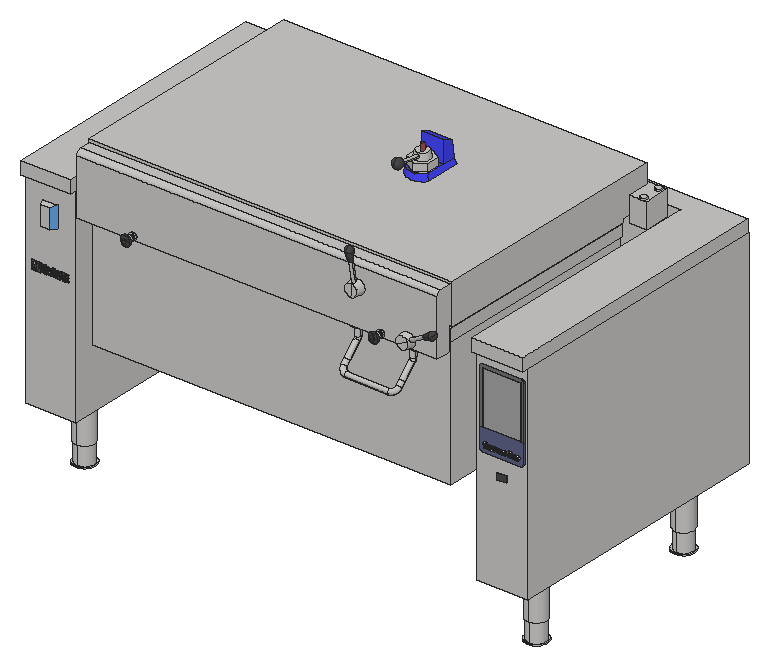
Revit family "QF_ELECTROLUXPROFESSIONAL_587146_PUET17ECIO", category Attrezzature speciali, Revit 2020
Family settings
  Quota connettore circolare = Usa diametro
  Tipo di parte = Normale
  Basato su piano di lavoro = No
  Sempre verticale = Sì
  Taglio con vuoti quando caricato = No
  Condiviso = No
  Punto di calcolo locali = No
Parameters (values of type "Standard")
  Weight = 340.00 kg
  Watts = 20600 W
  Volts = 440 V
  URL Manufacturer = "https://www.electroluxprofessional.com/"
  URL = "https://www.electroluxprofessional.com/"
  Steam Supply Size = 0 mm
  Steam Supply Minimum Pressure = 0.0 Pa
  Steam Supply Maximum Pressure = 0.0 Pa
  Steam Consumption per Hour = 0
  Refrigeration Suction Line Size = 0.0 mm
  Refrigeration Liquid Line Size = 0.0 mm
  Refrigerant Compressor Remote = yes
  Prospetto di default = 0.0 mm
  Produttore = "Electrolux Professional"
  Phase = 3
  Modello = "PUET17ECIO"
  Length Actual = 1600.0 mm  # constant formula
  Item Number = "587146"
  Hot Water Size = 12.7 mm
  Height Actual = 700.0 mm  # constant formula
  HP = "27.6 HP"
  Gas Size = 0 mm
  Gas KW = 0
  Gas Input Pressure = 0 W
  Direct Waste Size = 0 mm
  Descrizione = "ELECTRIC TILTING PRESSURE BRAISING PAN+STEAM+CTS, 170L,440V,FS,MARINE"
  Depth Actual = 900.0 mm  # constant formula
  Cycle = 50 Hz
  Condensate Return Size = 0 mm
  Compressed Air Volume = 0.0 L/s
  Compressed Air Size = 0 mm
  Compressed Air Pressure = 0.0 Pa
  Cold Water Size = 12.7 mm
  Accessory = yes
Reference planes
  plane 1 "Center (Front/Back)": y = 0
  plane 2: z = 0
  plane 3 "Center (Left/Right)": x = 0
  plane 4 "LEFT": x = -800
  plane 5 "RIGHT": x = 800
  plane 6 "BACK": y = 450
  plane 7 "FRONT": y = -450
  plane 8 "Base": z = 200
  plane 9 "TOP": z = 900
  plane 10: x = -640
  plane 11: x = 640
  plane 12 "Axe_PentolaY": y = -230
  plane 13 "AxePentolaZ": z = 730
  plane 14 "PLANE_TOP": z = 860
  plane 15: y = 380
  plane 16: z = 863
  plane 17: z = 455
  plane 18: z = 299
  plane 19: y = -470
  plane 20 "CentroPentolaY": y = -158
  plane 21 "TopCoperchio": z = 1128
  plane 22 "Versamento": z = 910
  plane 23 "Gfront": y = -1300
  plane 24 "GRight": x = 250
  plane 25 "GLeft": x = -250
  plane 26 "Gback": y = -100
  plane 27: z = 1789
  plane 28 "Ribaltamento": y = -540
  plane 29 "AxeL": x = -720
  plane 30 "AxeR": x = 720
  plane 31 "Pentola_Back": y = 226
  plane 32 "Pentola_L": x = -370.5
  plane 33 "Pentola_R": x = 370.5
  plane 34: x = -310.5
  plane 35 "axeC1": x = -580
  plane 36 "axeC2": x = 580
  plane 37: z = 395
  plane 38 "CylTop": x = 175
  plane 39 "Maniglione": z = 840
  plane 40 "B1": x = -395
  plane 41 "B2": x = 395
  plane 42 "2Buttons": z = 851.594
Forms (mm)
  Revolve 1, solid, material "QF_Finishes_Stainless Steel"
    sketch origin (0, 0, 730) x (-1, 0, 0) y (0, -1, 0)
      loop
        line (640, 230) -> (-640, 230) -> (-640, 140) -> (-630, 140) -> (-630, 173) -> (630, 173) -> (630, 140) -> (640, 140) -> (640, 230)
      axis (640, 230) -> (-640, 230)
    angle from 0 to 360
  Extrusion 2, solid, material "QF_Finishes_Stainless Steel"
    sketch origin (0, 0, 860) x (-1, 0, 0) y (0, -1, 0)
      loop
        line (800, 450) -> (640, 450) -> (640, -380) -> (-640, -380) -> (-640, 450) -> (-800, 450) -> (-800, -450) -> (800, -450) -> (800, 450)
    from 0 to 40
  Extrusion 3, solid, material "QF_Finishes_Stainless Steel"
    sketch origin (0, 0, 860) x (-1, 0, 0) y (0, -1, 0)
      loop
        line (640, -380) -> (-640, -380) -> (-640, -450) -> (640, -450) -> (640, -380)
    from 0 to -360
  Extrusion 4, solid, material "QF_Finishes_Stainless Steel"
    sketch origin (0, 0, 0) x (0, 1, 0) y (0, 0, 1)
      loop
        line (226, 863) -> (-450, 863) -> (-450, 455) -> (138, 455) -> (226, 643.717) -> (226, 863)
    from -570.5 to 570.5
  Extrusion 5, solid, material "QF_Finishes_Stainless Steel"
    sketch origin (0, 0, 0) x (0, 1, 0) y (0, 0, 1)
      loop
        line (232, 863) -> (232, 900) -> (-450, 900) -> (-450, 863) -> (232, 863)
    from -571 to 571
  Extrusion 6, solid, material "QF_Finishes_Stainless Steel"
    sketch origin (0, 0, 0) x (0, 1, 0) y (0, 0, 1)
      loop
        line (322, 1040) -> (-454, 1040) -> (-454, 910) -> (226, 910) -> (226, 920) -> (322, 920) -> (322, 1040)
    from -579 to 579
  Extrusion 7, solid, material "QF_Finishes_Stainless Steel"
    sketch origin (0, 0, 0) x (0, 1, 0) y (0, 0, 1)
      loop
        line (-454, 1033) -> (-491.635, 1033)
        arc (-491.635, 1033) -> (-502.242, 1028.607) -> (-506.635, 1018) r 15
        line (-506.635, 1018) -> (-506.635, 840) -> (-469, 840)
        arc (-469, 840) -> (-461.929, 842.929) -> (-459, 850) r 10
        line (-459, 850) -> (-459, 915) -> (-454, 915) -> (-454, 1033)
    from -574 to 574
  Extrusion 8, solid, material "QF_Finishes_Stainless Steel"
    sketch origin (0, 0, 0) x (0, 1, 0) y (0, 0, 1)
      loop
        line (380, 900) -> (205, 900) -> (205, 500) -> (380, 500) -> (380, 900)
    from -440 to -380
  Extrusion 9, solid, material "QF_Finishes_Stainless Steel"
    sketch origin (0, -450, 0) x (-1, 0, 0) y (0, 0, 1)
      loop
        line (637.337, 980) -> (579, 980) -> (579, 925) -> (582.237, 925) -> (582.237, 900) -> (637.337, 900) -> (637.337, 980)
    from 700 to 780
  Extrusion 10, solid, material "QF_Finishes_Stainless Steel"
    sketch origin (0, 0, 0) x (0, 1, 0) y (0, 0, -1)
      loop
        line (380, -900) -> (380, -500) -> (205, -500) -> (205, -900) -> (380, -900)
    from -440 to -380
  Extrusion 11, solid, material "QF_Finishes_Stainless Steel"
    sketch origin (0, -450, 0) x (1, 0, 0) y (0, 0, -1)
      loop
        line (635, -980) -> (635, -900) -> (582.237, -900) -> (582.237, -925) -> (579, -925) -> (579, -980) -> (635, -980)
    from 700 to 780
  Extrusion 12, solid, material "QF_Door-Drawer Clearances", detail levels coarse
    sketch origin (0, 53.912, -5.039) x (0, 1, 0) y (0, 0, 1)
      loop
        line (285.597, 942.365) -> (326.088, 958.724) -> (61.023, 1686.986) -> (56.324, 1685.276) -> (39.223, 1732.26) -> (-10.336, 1714.222) -> (-16.625, 1723.204) -> (44.811, 1766.222) -> (47.679, 1762.126) -> (68.307, 1773.56) -> (53.967, 1794.039) -> (36.168, 1778.566) -> (39.036, 1774.47) -> (-22.401, 1731.452) -> (-26.038, 1736.646) -> (-53.912, 1726.501) -> (-53.912, 1698.362) -> (-144.017, 1665.566)
        arc (-144.017, 1665.566) -> (-428.228, 1400.497) -> (-556.518, 1033.645) r 811.154
        arc (-556.518, 1033.645) -> (-551.652, 1036.897) -> (-545.912, 1038.039) r 15
        line (-545.912, 1038.039) -> (-507.912, 1038.039) -> (-507.912, 1045.039) -> (268.088, 1045.039) -> (268.088, 987.365) -> (285.597, 987.365) -> (285.597, 942.365)
      loop
        line (-503.912, 515.039) -> (-503.912, 845.039) -> (-576.071, 845.039)
        arc (-576.071, 845.039) -> (-586.466, 669.876) -> (-503.912, 515.039) r 323.607
    from 105 to -105
  Extrusion 13, solid, material "QF_Finishes_Stainless Steel"
    sketch origin (0, 0, 900) x (0, 1, 0) y (-1, 0, 0)
      loop
        circle (320, 618.441) r 10
      loop
        circle (260, 618.441) r 10
      loop
        circle (320, -618.441) r 10
      loop
        circle (260, -618.441) r 10
    from 82.326 to 80
  Revolve 14, solid, material "QF_Plastic-Black-Matte"
    sketch origin (0, 0, 851.594) x (-1, 0, 0) y (0, -1, 0)
      loop
        line (403.234, 529.683) -> (410.348, 533.79)
        arc (410.348, 533.79) -> (411.528, 535.834) -> (410.348, 537.878) r 2.36
        line (410.348, 537.878) -> (403.234, 540) -> (395, 540) -> (395, 529.683) -> (403.234, 529.683)
      axis (395, 529.683) -> (395, 540)
    angle from 0 to 360
  Revolve 15, solid, material "QF_Finishes_Stainless Steel"
    sketch origin (0, 0, 851.594) x (-1, 0, 0) y (0, -1, 0)
      loop
        line (395, 506.635) -> (405.299, 506.635) -> (405.299, 511.677) -> (400.299, 511.677) -> (400.299, 519.683) -> (403.234, 519.683) -> (403.234, 529.683) -> (395, 529.683) -> (395, 506.635)
      axis (395, 506.635) -> (395, 529.683)
    angle from 0 to 360
  Revolve 16, solid, material "QF_Plastic-Black-Matte"
    sketch origin (790, 0, 851.594) x (-1, 0, 0) y (0, -1, 0)
      loop
        line (403.234, 529.683) -> (410.348, 533.79)
        arc (410.348, 533.79) -> (411.528, 535.834) -> (410.348, 537.878) r 2.36
        line (410.348, 537.878) -> (403.234, 540) -> (395, 540) -> (395, 529.683) -> (403.234, 529.683)
      axis (395, 529.683) -> (395, 540)
    angle from 0 to 360
  Revolve 17, solid, material "QF_Finishes_Stainless Steel"
    sketch origin (790, 0, 851.594) x (-1, 0, 0) y (0, -1, 0)
      loop
        line (395, 506.635) -> (405.299, 506.635) -> (405.299, 511.677) -> (400.299, 511.677) -> (400.299, 519.683) -> (403.234, 519.683) -> (403.234, 529.683) -> (395, 529.683) -> (395, 506.635)
      axis (395, 506.635) -> (395, 529.683)
    angle from 0 to 360
Lines and regions (mm)
  symbolic lines
    curve 1: line (800, 450, 900) -> (-800, 450, 900)
    curve 2: line (800, -450, 900) -> (800, 450, 900)
    curve 3: line (-800, 450, 900) -> (-800, -450, 900)
    curve 4: line (-800, -450, 900) -> (-640, -450, 900)
    curve 5: line (-640, -450, 900) -> (-640, 380, 900)
    curve 6: line (640, -450, 900) -> (800, -450, 900)
    curve 7: line (630, -140, 900) -> (630, -320, 900)
    curve 8: line (-630, -140, 900) -> (-630, -320, 900)
    curve 9: line (-630, -140, 900) -> (-640, -140, 900)
    curve 10: line (-630, -320, 900) -> (-640, -320, 900)
    curve 11: line (630, -140, 900) -> (640, -140, 900)
    curve 12: line (630, -320, 900) -> (640, -320, 900)
    curve 17: line (-630, -172.761, 900) -> (-579, -172.761, 900)
    curve 18: line (-630, -286.868, 900) -> (-576.5, -286.868, 900)
    curve 19: line (630, -172.761, 900) -> (576.5, -172.761, 900)
    curve 20: line (630, -286.868, 900) -> (576.5, -286.868, 900)
    curve 30: line (800, 380, 900) -> (-800, 380, 900)
    curve 31: line (640, 380, 900) -> (640, -450, 900)
    curve 32: line (-579, -454, 900) -> (579, -454, 900)
    curve 33: line (-579, 322, 900) -> (-579, -454, 900)
    curve 34: line (579, 322, 900) -> (-579, 322, 900)
    curve 35: line (579, -454, 900) -> (579, 322, 900)
    curve 36: line (-579, 322, 900) -> (-579, 330, 900)
    curve 37: line (-579, 330, 900) -> (-637.337, 330, 900)
    curve 38: line (-637.337, 330, 900) -> (-637.337, 250, 900)
    curve 39: line (-637.337, 250, 900) -> (-579, 250, 900)
    curve 40: line (-640, 205, 900) -> (-579, 205, 900)
    curve 41: circle (-618.441, 320, 900) r 10 normal (0, 0, 1)
    curve 42: circle (-618.441, 260, 900) r 10 normal (0, 0, 1)
    curve 43: line (579, 322, 900) -> (579, 330, 900)
    curve 44: line (579, 330, 900) -> (635, 330, 900)
    curve 45: line (635, 330, 900) -> (635, 250, 900)
    curve 46: line (635, 250, 900) -> (579, 250, 900)
    curve 47: line (640, 205, 900) -> (579, 205, 900)
    curve 48: circle (618.441, 320, 900) r 10 normal (0, 0, 1)
    curve 49: circle (618.441, 260, 900) r 10 normal (0, 0, 1)
    curve 50: line (-405.299, -506.635, 900) -> (-405.299, -511.677, 900)
    curve 51: line (-405.299, -511.677, 900) -> (-384.701, -511.677, 900)
    curve 52: line (-384.701, -511.677, 900) -> (-384.701, -506.635, 900)
    curve 53: line (-400.299, -519.683, 900) -> (-400.299, -511.677, 900)
    curve 54: line (-389.701, -519.683, 900) -> (-389.701, -511.677, 900)
    curve 55: line (-403.234, -519.683, 900) -> (-386.766, -519.683, 900)
    curve 56: line (-386.766, -519.683, 900) -> (-386.766, -529.683, 900)
    curve 57: line (-386.766, -529.683, 900) -> (-403.234, -529.683, 900)
    curve 58: line (-403.234, -529.683, 900) -> (-403.234, -519.683, 900)
    curve 59: line (-386.766, -529.683, 900) -> (-379.646, -533.794, 900)
    curve 60: line (-403.234, -540, 900) -> (-386.766, -540, 900)
    curve 61: line (-386.766, -540, 900) -> (-379.652, -537.878, 900)
    curve 62: line (-403.234, -540, 900) -> (-410.348, -537.878, 900)
    curve 63: arc (-379.652, -537.878, 900) -> (-378.468, -535.838, 900) -> (-379.646, -533.794, 900) r 2.356
    curve 64: line (-403.234, -529.683, 900) -> (-410.354, -533.794, 900)
    curve 65: arc (-410.348, -537.878, 900) -> (-411.532, -535.838, 900) -> (-410.354, -533.794, 900) r 2.356
    curve 66: line (384.701, -506.635, 900) -> (384.701, -511.677, 900)
    curve 67: line (384.701, -511.677, 900) -> (405.299, -511.677, 900)
    curve 68: line (405.299, -511.677, 900) -> (405.299, -506.635, 900)
    curve 69: line (389.701, -519.683, 900) -> (389.701, -511.677, 900)
    curve 70: line (400.299, -519.683, 900) -> (400.299, -511.677, 900)
    curve 71: line (386.766, -519.683, 900) -> (403.234, -519.683, 900)
    curve 72: line (403.234, -519.683, 900) -> (403.234, -529.683, 900)
    curve 73: line (403.234, -529.683, 900) -> (386.766, -529.683, 900)
    curve 74: line (386.766, -529.683, 900) -> (386.766, -519.683, 900)
    curve 75: line (403.234, -529.683, 900) -> (410.354, -533.794, 900)
    curve 76: line (386.766, -540, 900) -> (403.234, -540, 900)
    curve 77: line (403.234, -540, 900) -> (410.348, -537.878, 900)
    curve 78: line (386.766, -540, 900) -> (379.652, -537.878, 900)
    curve 79: arc (410.348, -537.878, 900) -> (411.532, -535.838, 900) -> (410.354, -533.794, 900) r 2.356
    curve 80: line (386.766, -529.683, 900) -> (379.646, -533.794, 900)
    curve 81: arc (379.652, -537.878, 900) -> (378.468, -535.838, 900) -> (379.646, -533.794, 900) r 2.356
    curve 83: line (-579, -454, 900) -> (-579, -506.635, 900)
    curve 84: line (-579, -506.635, 900) -> (574, -506.635, 900)
    curve 85: line (574, -506.635, 900) -> (574, -454, 900)
  symbolic lines, style "SpecialityEquipmentHiddenLines"
    curve 13: line (-250, -1300, 900) -> (250, -1300, 900)
    curve 14: line (-250, -100, 900) -> (-250, -1300, 900)
    curve 15: line (250, -1300, 900) -> (250, -100, 900)
    curve 28: line (0, -1165.484, 900) -> (0, -1135.484, 900)
    curve 29: line (-15, -1150.484, 900) -> (15, -1150.484, 900)
    curve 82: line (-250, -100, 900) -> (250, -100, 900)
  symbolic lines, style "SpecialityEquipment"
    curve 16: circle (0, -1150.484, 900) r 15 normal (0, 0, 1)
    curve 21: line (-210, -1300, 900) -> (-210, -1100, 900)
    curve 22: line (-130, -1300, 900) -> (-130, -1180, 900)
    curve 23: line (-90, -1300, 900) -> (-90, -1220, 900)
    curve 24: line (-90, -1260, 900) -> (-250, -1260, 900)
    curve 25: line (-90, -1220, 900) -> (-250, -1220, 900)
    curve 26: line (-250, -1180, 900) -> (-130, -1180, 900)
    curve 27: line (-170, -1140, 900) -> (-250, -1140, 900)
    curve 86: line (-170, -1300, 900) -> (-170, -1140, 900)
    curve 87: line (-210, -1100, 900) -> (-250, -1100, 900)
    curve 88: line (210, -1300, 900) -> (210, -1100, 900)
    curve 89: line (130, -1300, 900) -> (130, -1180, 900)
    curve 90: line (90, -1300, 900) -> (90, -1220, 900)
    curve 91: line (90, -1260, 900) -> (250, -1260, 900)
    curve 92: line (90, -1220, 900) -> (250, -1220, 900)
    curve 93: line (250, -1180, 900) -> (130, -1180, 900)
    curve 94: line (170, -1140, 900) -> (250, -1140, 900)
    curve 95: line (170, -1300, 900) -> (170, -1140, 900)
    curve 96: line (210, -1100, 900) -> (250, -1100, 900)
Dimensions and locks
  plane 4 "LEFT" to plane 5 "RIGHT" = 1600.0 mm
  equal spacing: plane 4 "LEFT", plane 3 "Center (Left/Right)", plane 5 "RIGHT"
  equal spacing: plane 6 "BACK", plane 1 "Center (Front/Back)", plane 7 "FRONT"
  plane 6 "BACK" to plane 7 "FRONT" = 900.0 mm
  plane 8 "Base" to level = 200.0 mm
  plane 9 "TOP" to level = 900.0 mm
  plane 9 "TOP" to plane 8 "Base" = 700.0 mm
  locked: plane 4 "LEFT" to plane 10 at 160
  locked: plane 11 to plane 5 "RIGHT" at 160
  locked: plane 6 "BACK" to plane 12 "Axe_PentolaY" at 680
  locked: plane 13 "AxePentolaZ" to plane 8 "Base" at 530
  locked: Revolve 1 sketch curve to Revolve 1 sketch curve at 57
  locked: Revolve 1 sketch curve to Revolve 1 sketch curve at 90
  locked: plane 10 to Revolve 1 sketch curve at 10
  locked: Revolve 1 sketch curve to plane 11 at 10
  locked: plane 9 "TOP" to plane 14 "PLANE_TOP" at 40
  plane 6 "BACK" to plane 15 = 70.0 mm
  locked: plane 16 to plane 13 "AxePentolaZ" at 133
  plane 6 "BACK" to plane 19 = 920.0 mm
  locked: plane 6 "BACK" to plane 20 "CentroPentolaY" at 608
  locked: plane 21 "TopCoperchio" to plane 9 "TOP" at 228
  locked: plane 22 "Versamento" to level at 910
  plane 6 "BACK" to plane 23 "Gfront" = 1750.0 mm
  locked: plane 25 "GLeft" to plane 3 "Center (Left/Right)" at 250
  locked: plane 3 "Center (Left/Right)" to plane 24 "GRight" at 250
  plane 6 "BACK" to plane 26 "Gback" = 550.0 mm
  plane 27 to plane 9 "TOP" = 889.0 mm
  plane 6 "BACK" to plane 28 "Ribaltamento" = 990.0 mm
  equal spacing: plane 10, plane 29 "AxeL", plane 4 "LEFT"
  equal spacing: plane 5 "RIGHT", plane 30 "AxeR", plane 11
  locked: plane 33 "Pentola_R" to plane 32 "Pentola_L" at 741
  equal spacing: plane 33 "Pentola_R", plane 3 "Center (Left/Right)", plane 32 "Pentola_L"
  locked: Extrusion 5 sketch curve to plane 31 "Pentola_Back" at 6
  plane 31 "Pentola_Back" to plane 12 "Axe_PentolaY" = 456.0 mm
  locked: plane 34 to plane 32 "Pentola_L" at 60
  plane 4 "LEFT" to plane 35 "axeC1" = 220.0 mm
  plane 36 "axeC2" to plane 5 "RIGHT" = 220.0 mm
  plane 32 "Pentola_L" to Extrusion 6 = 208.5 mm
  Extrusion 6 to plane 33 "Pentola_R" = 208.5 mm
  locked: plane 13 "AxePentolaZ" to plane 17 at 275
  plane 18 to level = 299.0 mm
  plane 17 to level = 455.0 mm
  plane 37 to level = 395.0 mm
  plane 3 "Center (Left/Right)" to plane 40 "B1" = 395.0 mm
  plane 41 "B2" to plane 3 "Center (Left/Right)" = 395.0 mm
  aligned and locked: level to plane 2
  aligned and locked: plane 5 "RIGHT" to nested 2
  aligned and locked: plane 4 "LEFT" to nested 1
  aligned and locked: plane 8 "Base" to nested 1
  aligned and locked: plane 6 "BACK" to nested 2
  aligned and locked: plane 10 to Revolve 1 sketch curve
  aligned and locked: plane 11 to Revolve 1 sketch curve
  aligned and locked: plane 4 "LEFT" to Extrusion 2 sketch curve
  aligned and locked: Extrusion 2 sketch curve to plane 10
  aligned and locked: plane 7 "FRONT" to Extrusion 2 sketch curve  (x2)
  aligned and locked: Extrusion 2 sketch curve to plane 5 "RIGHT"
  aligned and locked: plane 11 to Extrusion 2 sketch curve
  aligned and locked: Extrusion 2 sketch curve to plane 6 "BACK"
  aligned and locked: plane 15 to Extrusion 2 sketch curve
  aligned and locked: Extrusion 3 sketch curve to plane 10
  aligned and locked: plane 6 "BACK" to Extrusion 3 sketch curve
  aligned and locked: plane 11 to Extrusion 3 sketch curve
  aligned and locked: Extrusion 3 sketch curve to plane 15
  aligned and locked: curve 13 to plane 23 "Gfront"
  aligned and locked: curve 14 to plane 25 "GLeft"
  aligned and locked: plane 24 "GRight" to curve 15
  aligned and locked: plane 30 "AxeR" to nested 3
  aligned and locked: plane 17 to Extrusion 4 sketch curve
  aligned and locked: Extrusion 5 sketch curve to plane 16
  aligned and locked: plane 9 "TOP" to Extrusion 5 sketch curve
  aligned and locked: plane 29 "AxeL" to nested 5
Automatic sketch dimensions
  plane 12 "Axe_PentolaY" to Revolve 1 sketch curve = 0.0 mm
  Revolve 1 sketch curve to plane 12 "Axe_PentolaY" = 0.0 mm
  plane 20 "CentroPentolaY" to Revolve 1 sketch curve = 18.0 mm
  plane 5 "RIGHT" to Revolve 1 sketch curve = 432.098 mm
  Revolve 1 sketch curve to plane 4 "LEFT" = 580.148 mm
  Extrusion 4 sketch curve to plane 7 "FRONT" = 0.0 mm
  Extrusion 4 sketch curve to plane 31 "Pentola_Back" = 0.0 mm
  Extrusion 4 sketch curve to plane 16 = 0.0 mm
  Extrusion 4 sketch curve to plane 31 "Pentola_Back" = 88.0 mm
  Extrusion 4 sketch curve to plane 13 "AxePentolaZ" = 86.283 mm
  Extrusion 5 sketch curve to plane 7 "FRONT" = 0.0 mm
  Extrusion 6 sketch curve to plane 22 "Versamento" = 0.0 mm
  Extrusion 6 sketch curve to plane 31 "Pentola_Back" = 0.0 mm
  Extrusion 6 sketch curve to plane 7 "FRONT" = 4.0 mm
  Extrusion 6 sketch curve to plane 15 = 58.0 mm
  plane 22 "Versamento" to Extrusion 6 sketch curve = 10.0 mm
  Extrusion 6 sketch curve to plane 21 "TopCoperchio" = 88.0 mm
  Extrusion 7 sketch curve to plane 39 "Maniglione" = 0.0 mm
  plane 28 "Ribaltamento" to Extrusion 7 sketch curve = 33.365 mm
  Extrusion 7 sketch curve to Extrusion 7 sketch curve = 15.0 mm
  plane 19 to Extrusion 7 sketch curve = 1.0 mm
  Extrusion 7 sketch curve to plane 7 "FRONT" = 9.0 mm
  Extrusion 7 sketch curve to plane 7 "FRONT" = 4.0 mm
  plane 22 "Versamento" to Extrusion 7 sketch curve = 5.0 mm
  plane 22 "Versamento" to Extrusion 7 sketch curve = 108.0 mm
  Extrusion 8 sketch curve to plane 9 "TOP" = 0.0 mm
  Extrusion 8 sketch curve to plane 15 = 0.0 mm
  Extrusion 8 sketch curve to plane 31 "Pentola_Back" = 21.0 mm
  plane 17 to Extrusion 8 sketch curve = 45.0 mm
  Extrusion 9 sketch curve to plane 9 "TOP" = 0.0 mm
  plane 35 "axeC1" to Extrusion 9 sketch curve = 1.0 mm
  Extrusion 9 sketch curve to plane 35 "axeC1" = 2.237 mm
  plane 10 to Extrusion 9 sketch curve = 2.663 mm
  plane 22 "Versamento" to Extrusion 9 sketch curve = 15.0 mm
  plane 22 "Versamento" to Extrusion 9 sketch curve = 70.0 mm
  Extrusion 10 sketch curve to plane 9 "TOP" = 0.0 mm
  Extrusion 10 sketch curve to plane 15 = 0.0 mm
  Extrusion 10 sketch curve to plane 31 "Pentola_Back" = 21.0 mm
  plane 17 to Extrusion 10 sketch curve = 45.0 mm
  Extrusion 11 sketch curve to plane 9 "TOP" = 0.0 mm
  plane 36 "axeC2" to Extrusion 11 sketch curve = 1.0 mm
  Extrusion 11 sketch curve to plane 36 "axeC2" = 2.237 mm
  plane 11 to Extrusion 11 sketch curve = 5.0 mm
  Extrusion 11 sketch curve to plane 22 "Versamento" = 15.0 mm
  Extrusion 11 sketch curve to plane 22 "Versamento" = 70.0 mm
  Extrusion 12 sketch curve to plane 39 "Maniglione" = 0.0 mm
  Extrusion 12 sketch curve to plane 7 "FRONT" = 0.0 mm
  Extrusion 12 sketch curve to plane 1 "Center (Front/Back)" = 0.0 mm
  Extrusion 12 sketch curve to plane 27 = 0.0 mm
  Extrusion 12 sketch curve to plane 15 = 0.0 mm
  Extrusion 12 sketch curve to plane 7 "FRONT" = 4.0 mm
  Extrusion 12 sketch curve to plane 19 = 22.0 mm
  plane 28 "Ribaltamento" to Extrusion 12 sketch curve = 17.841 mm
  plane 13 "AxePentolaZ" to Extrusion 12 sketch curve = 3.966 mm
  plane 12 "Axe_PentolaY" to Extrusion 12 sketch curve = 13.583 mm
  plane 26 "Gback" to Extrusion 12 sketch curve = 9.895 mm
  Extrusion 12 sketch curve to plane 1 "Center (Front/Back)" = 27.874 mm
  Extrusion 12 sketch curve to Extrusion 12 sketch curve = 3.637 mm
  Extrusion 12 sketch curve to Extrusion 12 sketch curve = 5.776 mm  (x2)
  Extrusion 12 sketch curve to Extrusion 12 sketch curve = 6.289 mm
  Extrusion 12 sketch curve to plane 27 = 15.473 mm
  Extrusion 12 sketch curve to Extrusion 12 sketch curve = 62.206 mm
  Extrusion 12 sketch curve to plane 27 = 19.568 mm
  Extrusion 12 sketch curve to Extrusion 12 sketch curve = 2.868 mm  (x2)
  Extrusion 12 sketch curve to Extrusion 12 sketch curve = 0.188 mm
  Extrusion 12 sketch curve to plane 27 = 27.817 mm
  Extrusion 12 sketch curve to plane 27 = 31.913 mm
  Extrusion 12 sketch curve to Extrusion 12 sketch curve = 17.799 mm
  Extrusion 12 sketch curve to plane 27 = 108.763 mm
  Extrusion 12 sketch curve to Extrusion 12 sketch curve = 17.101 mm
  Extrusion 12 sketch curve to Extrusion 12 sketch curve = 4.698 mm
  Extrusion 12 sketch curve to plane 27 = 20.479 mm
  Extrusion 12 sketch curve to Extrusion 12 sketch curve = 20.627 mm
  Extrusion 12 sketch curve to plane 15 = 75.072 mm
  Extrusion 12 sketch curve to plane 15 = 58.0 mm
  Extrusion 12 sketch curve to Extrusion 12 sketch curve = 17.509 mm
  plane 22 "Versamento" to Extrusion 12 sketch curve = 27.326 mm
  Extrusion 12 sketch curve to Extrusion 12 sketch curve = 14.739 mm
  Extrusion 12 sketch curve to Extrusion 12 sketch curve = 30.261 mm
  plane 22 "Versamento" to Extrusion 12 sketch curve = 108.0 mm
  Extrusion 12 sketch curve to Extrusion 12 sketch curve = 15.0 mm
  Extrusion 12 sketch curve to Extrusion 12 sketch curve = 7.0 mm
  Extrusion 12 sketch curve to plane 27 = 128.472 mm
  Extrusion 12 sketch curve to Extrusion 12 sketch curve = 24.842 mm
  Extrusion 12 sketch curve to Extrusion 12 sketch curve = 28.139 mm
  plane 31 "Pentola_Back" to Extrusion 13 sketch curve = 34.0 mm  (x2)
  Extrusion 13 sketch curve to plane 11 = 21.559 mm  (x2)
  Extrusion 13 sketch curve to plane 15 = 60.0 mm  (x2)
  plane 10 to Extrusion 13 sketch curve = 21.559 mm  (x2)
  Revolve 14 sketch curve to plane 40 "B1" = 0.0 mm  (x2)
  Revolve 14 sketch curve to plane 28 "Ribaltamento" = 0.0 mm
  plane 40 "B1" to Revolve 14 sketch curve = 8.234 mm  (x2)
  Revolve 14 sketch curve to Revolve 14 sketch curve = 5.934 mm
  plane 28 "Ribaltamento" to Revolve 14 sketch curve = 2.122 mm
  Revolve 14 sketch curve to Revolve 14 sketch curve = 1.18 mm  (x2)
  plane 28 "Ribaltamento" to Revolve 14 sketch curve = 6.21 mm
  plane 28 "Ribaltamento" to Revolve 14 sketch curve = 10.317 mm
  plane 19 to Revolve 14 sketch curve = 8.375 mm
  Revolve 14 sketch curve to Revolve 14 sketch curve = 31.625 mm
  Revolve 15 sketch curve to plane 40 "B1" = 0.0 mm  (x2)
  plane 40 "B1" to Revolve 15 sketch curve = 5.299 mm
  Revolve 15 sketch curve to Revolve 15 sketch curve = 2.935 mm
  Revolve 15 sketch curve to Revolve 15 sketch curve = 5.0 mm
  plane 28 "Ribaltamento" to Revolve 15 sketch curve = 33.365 mm
  Revolve 15 sketch curve to Revolve 15 sketch curve = 5.042 mm
  Revolve 15 sketch curve to Revolve 15 sketch curve = 8.006 mm
  Revolve 15 sketch curve to Revolve 15 sketch curve = 10.0 mm
  Revolve 15 sketch curve to Revolve 15 sketch curve = 12.948 mm
  Revolve 15 sketch curve to plane 28 "Ribaltamento" = 16.844 mm
  Revolve 16 sketch curve to plane 41 "B2" = 0.0 mm  (x2)
  Revolve 16 sketch curve to plane 28 "Ribaltamento" = 0.0 mm
  Revolve 16 sketch curve to plane 41 "B2" = 8.234 mm  (x2)
  Revolve 16 sketch curve to Revolve 16 sketch curve = 5.934 mm
  plane 28 "Ribaltamento" to Revolve 16 sketch curve = 2.122 mm
  Revolve 16 sketch curve to Revolve 16 sketch curve = 1.18 mm  (x2)
  plane 28 "Ribaltamento" to Revolve 16 sketch curve = 6.21 mm
  plane 28 "Ribaltamento" to Revolve 16 sketch curve = 10.317 mm
  plane 19 to Revolve 16 sketch curve = 8.375 mm
  Revolve 16 sketch curve to Revolve 16 sketch curve = 31.625 mm
  Revolve 17 sketch curve to plane 41 "B2" = 0.0 mm  (x2)
  Revolve 17 sketch curve to plane 41 "B2" = 5.299 mm
  Revolve 17 sketch curve to Revolve 17 sketch curve = 2.935 mm
  Revolve 17 sketch curve to Revolve 17 sketch curve = 5.0 mm
  plane 28 "Ribaltamento" to Revolve 17 sketch curve = 33.365 mm
  Revolve 17 sketch curve to Revolve 17 sketch curve = 5.042 mm
  Revolve 17 sketch curve to Revolve 17 sketch curve = 8.006 mm
  Revolve 17 sketch curve to Revolve 17 sketch curve = 10.0 mm
  Revolve 17 sketch curve to Revolve 17 sketch curve = 12.948 mm
  Revolve 17 sketch curve to plane 28 "Ribaltamento" = 16.844 mm
  curve 28 to plane 3 "Center (Left/Right)" = 0.0 mm
  curve 16 to plane 3 "Center (Left/Right)" = 0.0 mm
  curve 77 to plane 28 "Ribaltamento" = 0.0 mm
  curve 62 to plane 28 "Ribaltamento" = 0.0 mm
  curve 5 to plane 7 "FRONT" = 0.0 mm
  curve 6 to plane 7 "FRONT" = 0.0 mm
  curve 10 to plane 10 = 0.0 mm
  curve 12 to plane 11 = 0.0 mm
  curve 14 to plane 26 "Gback" = 0.0 mm
  curve 30 to plane 5 "RIGHT" = 0.0 mm
  curve 31 to plane 15 = 0.0 mm
  curve 2 to plane 6 "BACK" = 0.0 mm
  curve 3 to plane 4 "LEFT" = 0.0 mm
  curve 90 to curve 92 = 80.0 mm
  curve 23 to curve 25 = 80.0 mm
  curve 90 to curve 93 = 40.0 mm
  curve 23 to curve 22 = 40.0 mm  (x2)
  curve 23 to curve 16 = 69.516 mm
  curve 95 to plane 38 "CylTop" = 5.0 mm
  curve 89 to curve 95 = 40.0 mm
  curve 22 to curve 86 = 40.0 mm  (x2)
  curve 27 to curve 21 = 40.0 mm
  curve 94 to curve 96 = 40.0 mm
  plane 28 "Ribaltamento" to curve 78 = 2.122 mm
  plane 28 "Ribaltamento" to curve 62 = 2.122 mm
  plane 28 "Ribaltamento" to curve 77 = 2.122 mm
  plane 28 "Ribaltamento" to curve 61 = 2.122 mm
  curve 77 to curve 79 = 2.044 mm
  curve 62 to curve 65 = 2.044 mm
  curve 78 to curve 81 = 2.044 mm
  curve 61 to curve 63 = 2.044 mm
  curve 63 to curve 59 = 2.04 mm
  curve 65 to curve 64 = 2.04 mm
  curve 79 to curve 75 = 2.04 mm
  curve 81 to curve 80 = 2.04 mm
  curve 80 to curve 80 = 4.111 mm
  curve 59 to curve 57 = 4.111 mm
  curve 72 to curve 72 = 10.0 mm
  curve 56 to curve 55 = 10.0 mm
  curve 55 to curve 52 = 8.006 mm
  curve 71 to curve 66 = 8.006 mm
  plane 35 "axeC1" to curve 83 = 1.0 mm
  plane 28 "Ribaltamento" to curve 83 = 33.365 mm
  curve 33 to plane 7 "FRONT" = 4.0 mm
  curve 7 to plane 11 = 10.0 mm
  curve 7 to plane 12 "Axe_PentolaY" = 90.0 mm
  plane 10 to curve 8 = 10.0 mm
  curve 8 to plane 12 "Axe_PentolaY" = 90.0 mm
  plane 20 "CentroPentolaY" to curve 7 = 18.0 mm
  plane 20 "CentroPentolaY" to curve 8 = 18.0 mm
  curve 46 to plane 11 = 5.0 mm
  plane 31 "Pentola_Back" to curve 46 = 24.0 mm
  plane 10 to curve 39 = 2.663 mm
  plane 31 "Pentola_Back" to curve 39 = 24.0 mm
  curve 38 to curve 42 = 10.0 mm
  curve 45 to curve 49 = 10.0 mm
  plane 10 to curve 41 = 21.559 mm
  curve 41 to plane 15 = 60.0 mm
  curve 48 to plane 11 = 21.559 mm
  curve 48 to plane 15 = 60.0 mm
  curve 34 to plane 36 "axeC2" = 1.0 mm
  curve 48 to curve 34 = 2.0 mm
  curve 48 to curve 44 = 10.0 mm
  curve 41 to curve 38 = 10.0 mm
  curve 45 to curve 49 = 16.559 mm
  curve 84 to plane 36 "axeC2" = 6.0 mm
  plane 41 "B2" to curve 75 = 15.354 mm
  curve 75 to curve 77 = 0.007 mm
  plane 41 "B2" to curve 68 = 10.299 mm
  curve 75 to curve 75 = 7.12 mm
  curve 79 to curve 76 = 5.943 mm
  curve 74 to plane 41 "B2" = 8.234 mm
  curve 78 to plane 41 "B2" = 8.234 mm
  curve 71 to curve 67 = 2.065 mm
  curve 76 to curve 81 = 5.943 mm
  curve 81 to curve 78 = 1.171 mm
  plane 38 "CylTop" to curve 88 = 35.0 mm
  curve 93 to plane 38 "CylTop" = 45.0 mm
  curve 89 to curve 90 = 40.0 mm
  curve 25 to plane 3 "Center (Left/Right)" = 90.0 mm
  curve 21 to curve 87 = 40.0 mm
  curve 59 to plane 32 "Pentola_L" = 9.146 mm
  curve 63 to curve 61 = 0.007 mm
  curve 52 to plane 40 "B1" = 10.299 mm
  curve 59 to curve 57 = 7.12 mm
  curve 63 to curve 60 = 5.943 mm
  plane 40 "B1" to curve 62 = 8.234 mm
  plane 40 "B1" to curve 55 = 8.234 mm
  curve 55 to curve 50 = 2.065 mm
  curve 60 to curve 65 = 5.943 mm
  curve 65 to curve 62 = 1.171 mm
  curve 42 to curve 38 = 18.896 mm
  curve 13 to curve 24 = 40.0 mm
  curve 91 to curve 92 = 40.0 mm
  curve 28 to curve 16 = 15.0 mm
  curve 16 to curve 29 = 0.0 mm
  curve 7 to curve 20 = 33.132 mm
  plane 35 "axeC1" to curve 18 = 3.5 mm
  curve 18 to plane 12 "Axe_PentolaY" = 56.868 mm
  curve 17 to plane 20 "CentroPentolaY" = 14.761 mm
  curve 19 to plane 20 "CentroPentolaY" = 14.761 mm
  curve 40 to plane 31 "Pentola_Back" = 21.0 mm
  curve 47 to plane 31 "Pentola_Back" = 21.0 mm
  curve 19 to plane 36 "axeC2" = 3.5 mm
  curve 20 to plane 36 "axeC2" = 3.5 mm
  curve 71 to curve 70 = 2.935 mm
  curve 69 to curve 71 = 2.935 mm
  curve 55 to curve 54 = 2.935 mm
  curve 53 to curve 50 = 5.0 mm
  radius of Extrusion 13 sketch curve = 10.0 mm  (x4)
  radius of curve 41 = 10.0 mm
  radius of curve 42 = 10.0 mm
  radius of curve 48 = 10.0 mm
  radius of curve 49 = 10.0 mm
Nested families
  nested 1: "QF_ELECTROLUXPROFESSIONAL_PUETNB900_LEFT" at (-720, 0, 0), type "QF_ELECTROLUXPROFESSIONAL_PUETNB900_LEFT"
    with Body Finish QF_Finishes_Stainless Steel
  nested 2: "QF_ELECTROLUXPROFESSIONAL_PUETNB900_RIGHT" at (720, 0, 0), type "QF_ELECTROLUXPROFESSIONAL_PUETNB900_RIGHT"
    with Body Finish QF_Finishes_Stainless Steel
  nested 3: "QF_ELECTROLUXPROFESSIONAL_2FEET_THL_120xH200" at (720, 10, 0), type "QF_ELECTROLUXPROFESSIONAL_2FEET_THL_120xH200"
  nested 4: "QF_ELECTROLUXPROFESSIONAL_PUET900_LEVEL1" at (175, -67.07, 1040), type "QF_ELECTROLUXPROFESSIONAL_PUET900_LEVEL1"
  nested 5: "QF_ELECTROLUXPROFESSIONAL_2FEET_THL_120xH200" at (-720, 10, 0), type "QF_ELECTROLUXPROFESSIONAL_2FEET_THL_120xH200"
  nested 6: "QF_ELECTROLUXPROFESSIONAL_PUET900_LEVEL2" at (319.18, -506.635, 958), type "QF_ELECTROLUXPROFESSIONAL_PUET900_LEVEL2"
  nested 7: "QF_ELECTROLUXPROFESSIONAL_PUET900_LEVEL3" at (479.18, -503.416, 863), type "QF_ELECTROLUXPROFESSIONAL_PUET900_LEVEL3"
  nested 8: "QF_ELECTROLUXPROFESSIONAL_PUET900_LEVEL4" at (390, -482, 840), type "QF_ELECTROLUXPROFESSIONAL_PUET900_LEVEL4"
Connectors
  piping at (-750, 453, 395), diameter 12.7, driven by "Hot Water Size"
    settings: on nested 1, index 1, connector inside diameter 609.6 mm, connector length 0.0 mm, flow factor 0, pipe flow 0.0 L/s, pressure drop 0.0 Pa, fitting loss kfactor 0, connector angle 0.00°, fixture units 0, engagement length 0.0 mm, angle of deflection 0.00°, flow configuration 1, flow direction 1, fitting loss method 0, system type 19, joint type 0, gender type 0, connector reference index -1, connector utility 0, adjustable connector no, is connector primary yes, connector description "Hot Water Inlet"
  piping at (-690, 453, 395), diameter 12.7, driven by "Cold Water Size"
    settings: on nested 1, index 2, connector inside diameter 609.6 mm, connector length 0.0 mm, flow factor 0, pipe flow 0.0 L/s, pressure drop 0.0 Pa, fitting loss kfactor 0, connector angle 0.00°, fixture units 0, engagement length 0.0 mm, angle of deflection 0.00°, flow configuration 1, flow direction 1, fitting loss method 0, system type 20, joint type 0, gender type 0, connector reference index -1, connector utility 0, adjustable connector no, is connector primary no, connector description "Cold Water Inlet"
  electrical at (720, 450, 450), driven by "Volts"
    settings: on nested 2, index 3, voltage 440 V, apparent load 0 VA, apparent load phase1 0 VA, apparent load phase2 0 VA, apparent load phase3 0 VA, power factor 1, load classification "Other", number of poles 1, system type 30, power factor state 1, is connector primary yes, connector utility no, sub classification motor no, connector description "Electrical Connection"
  piping at (-621.865, 412, 299), diameter 15.9
    settings: on nested 1, index 6, connector inside diameter 609.6 mm, connector length 0.0 mm, flow factor 0, pipe flow 0.0 L/s, pressure drop 0.0 Pa, fitting loss kfactor 0, connector angle 0.00°, fixture units 0, engagement length 0.0 mm, angle of deflection 0.00°, flow configuration 1, flow direction 2, fitting loss method 0, system type 16, joint type 0, gender type 0, connector reference index -1, connector utility 0, adjustable connector no, is connector primary no, connector description "Drain"
Definition of nested family "QF_ELECTROLUXPROFESSIONAL_PUETNB900_LEFT"
  Parameters
    Width = 160.0 mm
    Right = Width / 2  # 80.0 mm
    Default Elevation = 0.0 mm
    Left = -Width / 2  # -80.0 mm
    Htop = 40.0 mm
    Height = 900.0 mm
    HW_CW_z = 195.0 mm
    HW_CW_y = 312.0 mm
    HW_CW_Border = 50.0 mm
    HBase = 200.0 mm
    Drain_Z = 299.0 mm
    Drain_Y = 38.0 mm
    Depth = 900.0 mm
    BorderFront = 20.0 mm
    Body Finish [instance] = none
  Reference planes
    plane 1 "Center (Front/Back)": y = 0
    plane 2: z = 0
    plane 3 "Center (Left/Right)": x = 0
    plane 4 "LEFT": x = -80
    plane 5 "RIGHT": x = 80
    plane 6 "BACK": y = 450
    plane 7 "FRONT": y = -450
    plane 8 "TRAYSLIDER": y = -811.8
    plane 9 "Base": z = 200
    plane 10 "TOP": z = 900
    plane 11 "BorderFront": y = -430
    plane 12: z = 860
    plane 13 "HW_CW": y = 138
    plane 14: x = -30
    plane 15: x = 30
    plane 16 "Drain_Z": z = 299
    plane 17 "CHW": z = 395
    plane 18: y = 412
    plane 19: z = 340
  Forms (mm)
    Extrusion 1, solid
      sketch origin (0, 0, 0) x (1, 0, 0) y (0, 1, 0)
        loop
          line (-80, 450) -> (-80, -430) -> (80, -430) -> (80, 450) -> (-80, 450)
      from 860 to 200
    Extrusion 2, solid, material <- "Body Finish"
      sketch origin (0, 450, 0) x (-1, 0, 0) y (0, 0, 1)
        loop
          circle (30, 395) r 6.35
        loop
          circle (-30, 395) r 6.35
      from 3 to 0
    Blend 3, solid, material <- "Body Finish"
      base sketch origin (0, -430, -0.233) x (-1, 0, 0) y (0, 0, 1)
        loop
          line (23.5, 800.233) -> (-23.5, 800.233) -> (-23.5, 733.433) -> (23.5, 733.433) -> (23.5, 800.233)
      top sketch origin (0, -430, -0.233) x (-1, 0, 0) y (0, 0, 1)
        loop
          line (13.448, 797.45) -> (-13.448, 797.45) -> (-13.448, 736.216) -> (13.448, 736.216) -> (13.448, 797.45)
      from 0 to -20
    Extrusion 4, solid
      sketch origin (-12.54, -430, 23) x (-1, 0, 0) y (0, 0, 1)
        loop
          line (5.327, 593.058) -> (5.327, 590.846) -> (11.437, 590.846) -> (11.437, 587.616) -> (5.692, 587.616) -> (5.692, 585.398) -> (11.437, 585.398) -> (11.437, 583.444)
          arc (11.437, 583.444) -> (10.839, 582.088) -> (9.435, 581.614) r 1.838
          line (9.435, 581.614) -> (5.163, 581.614) -> (5.163, 579.403) -> (9.986, 579.403)
          arc (9.986, 579.403) -> (12.674, 580.517) -> (13.788, 583.205) r 3.802
          line (13.788, 583.205) -> (13.788, 593.058) -> (5.327, 593.058)
        loop
          line (3.492, 593.058) -> (1.141, 593.058) -> (1.141, 579.403) -> (3.492, 579.403) -> (3.492, 593.058)
        loop
          line (-47.588, 593.058) -> (-49.941, 593.058) -> (-49.941, 579.403) -> (-47.588, 579.403) -> (-47.588, 593.058)
        loop
          arc (-2.749, 583.764) -> (-3.194, 582.272) -> (-4.489, 581.409) r 2.29
          arc (-4.489, 581.409) -> (-6.614, 581.225) -> (-8.443, 582.322) r 3.458
          line (-8.443, 582.322) -> (-9.836, 580.928)
          arc (-9.836, 580.928) -> (-7.685, 579.48) -> (-5.119, 579.102) r 5.86
          arc (-5.119, 579.102) -> (-1.823, 580.467) -> (-0.457, 583.764) r 4.662
          arc (-0.457, 583.764) -> (-1.495, 587.706) -> (-5.131, 589.55) r 4.976
          arc (-5.131, 589.55) -> (-9.259, 588.004) -> (-10.466, 583.764) r 4.89
          line (-10.466, 583.764) -> (-2.749, 583.764)
        loop
          arc (-2.808, 585.417) -> (-3.843, 587.066) -> (-5.727, 587.557) r 2.64
          arc (-5.727, 587.557) -> (-7.36, 586.981) -> (-8.104, 585.417) r 2.256
          line (-8.104, 585.417) -> (-2.808, 585.417)
        loop
          arc (-19.634, 586.402) -> (-17.741, 587.437) -> (-15.609, 587.112) r 3.369
          arc (-15.609, 587.112) -> (-14.276, 585.699) -> (-14.118, 583.764) r 2.933
          arc (-14.118, 583.764) -> (-16.389, 581.316) -> (-19.559, 582.365) r 3.088
          line (-19.559, 582.365) -> (-21.028, 580.896)
          arc (-21.028, 580.896) -> (-14.811, 579.611) -> (-11.775, 585.186) r 5.33
          arc (-11.775, 585.186) -> (-13.576, 588.365) -> (-17.009, 589.62) r 5.293
          arc (-17.009, 589.62) -> (-19.259, 589.219) -> (-21.111, 587.878) r 5.117
          line (-21.111, 587.878) -> (-19.634, 586.402)
        loop
          line (-22.556, 593.058) -> (-24.908, 593.058) -> (-24.908, 589.279) -> (-27.044, 589.279) -> (-27.044, 587.143) -> (-24.908, 587.143) -> (-24.908, 583.764)
          arc (-24.908, 583.764) -> (-25.11, 582.682) -> (-25.866, 581.883) r 1.949
          arc (-25.866, 581.883) -> (-26.455, 581.649) -> (-27.088, 581.601) r 2.118
          line (-27.088, 581.601) -> (-27.088, 579.397)
          arc (-27.088, 579.397) -> (-24.962, 579.678) -> (-23.283, 581.013) r 4.018
          arc (-23.283, 581.013) -> (-22.759, 582.327) -> (-22.556, 583.727) r 6.031
          line (-22.556, 583.727) -> (-22.556, 593.058)
        loop
          line (-31.355, 584.595) -> (-31.355, 579.403) -> (-29.023, 579.403) -> (-29.023, 589.279) -> (-31.355, 589.279) -> (-31.355, 587.855)
          arc (-31.355, 587.855) -> (-32.932, 589.208) -> (-35.001, 589.403) r 3.432
          line (-35.001, 589.403) -> (-35.001, 587.143)
          arc (-35.001, 587.143) -> (-33.417, 587.175) -> (-32.009, 586.452) r 3.231
          arc (-32.009, 586.452) -> (-31.523, 585.579) -> (-31.355, 584.595) r 2.967
        loop
          circle (-40.752, 584.339) r 5.233
        loop
          circle (-40.752, 584.339) r 3.172
        loop
          line (-58.424, 583.516) -> (-58.424, 589.279) -> (-60.794, 589.279) -> (-60.794, 583.417)
          arc (-60.794, 583.417) -> (-59.481, 580.276) -> (-56.268, 579.153) r 4.181
          arc (-56.268, 579.153) -> (-53.09, 580.243) -> (-51.74, 583.32) r 4.181
          line (-51.74, 583.32) -> (-51.74, 589.279) -> (-54.111, 589.279) -> (-54.111, 583.516)
          arc (-54.111, 583.516) -> (-54.692, 581.919) -> (-56.268, 581.283) r 2.088
          arc (-56.268, 581.283) -> (-57.843, 581.919) -> (-58.424, 583.516) r 2.088
        loop
          line (-62.216, 589.279) -> (-64.76, 589.279) -> (-66.89, 586.347) -> (-69.053, 589.279) -> (-71.621, 589.279) -> (-68.238, 584.695) -> (-71.937, 579.4) -> (-69.425, 579.4) -> (-66.898, 582.879) -> (-64.408, 579.4) -> (-61.879, 579.4) -> (-65.631, 584.642) -> (-62.216, 589.279)
        loop
          arc (12.465, 573.743) -> (10.91, 572.325) -> (12.18, 570.647) r 1.561
          line (12.18, 570.647) -> (13.314, 570.647) -> (13.314, 569.021) -> (14.34, 569.021) -> (14.34, 573.743) -> (12.465, 573.743)
        loop
          line (12.224, 571.575) -> (13.314, 571.575) -> (13.314, 572.789) -> (12.224, 572.789)
          arc (12.224, 572.789) -> (11.836, 572.182) -> (12.224, 571.575) r 0.668
        loop
          arc (5.055, 573.743) -> (3.966, 573.299) -> (3.497, 572.221) r 1.559
          arc (3.497, 572.221) -> (3.646, 571.544) -> (4.091, 571.012) r 1.458
          line (4.091, 571.012) -> (3.163, 569.021) -> (4.265, 569.021) -> (4.944, 570.647) -> (5.937, 570.647) -> (5.937, 569.021) -> (6.963, 569.021) -> (6.963, 573.743) -> (5.055, 573.743)
        loop
          line (5.937, 572.789) -> (4.847, 572.789)
          arc (4.847, 572.789) -> (4.459, 572.182) -> (4.847, 571.575) r 0.668
          line (4.847, 571.575) -> (5.937, 571.575) -> (5.937, 572.789)
        loop
          circle (-2.866, 571.382) r 2.453
        loop
          circle (-2.866, 571.382) r 1.557
        loop
          line (-9.35, 573.743) -> (-12.299, 573.743) -> (-12.299, 572.725) -> (-10.352, 572.725) -> (-10.352, 571.729) -> (-12.129, 571.729) -> (-12.129, 570.671) -> (-10.352, 570.671) -> (-10.352, 569.021) -> (-9.35, 569.021) -> (-9.35, 573.743)
        loop
          line (-16.282, 573.743) -> (-19.27, 573.743) -> (-19.27, 572.851) -> (-17.252, 572.851) -> (-17.252, 571.921) -> (-19.139, 571.921) -> (-19.139, 571.029) -> (-17.252, 571.029)
          arc (-17.252, 571.029) -> (-17.355, 570.353) -> (-17.883, 569.916) r 0.961
          line (-17.883, 569.916) -> (-19.316, 569.916) -> (-19.316, 569.024) -> (-17.792, 569.024)
          arc (-17.792, 569.024) -> (-16.717, 569.474) -> (-16.282, 570.555) r 1.51
          line (-16.282, 570.555) -> (-16.282, 573.743)
        loop
          line (-33.381, 573.145) -> (-32.842, 572.436)
          arc (-32.842, 572.436) -> (-32.43, 572.802) -> (-31.895, 572.931) r 1.135
          arc (-31.895, 572.931) -> (-31.448, 572.574) -> (-31.757, 572.093) r 0.427
          arc (-31.757, 572.093) -> (-32.293, 571.892) -> (-32.815, 571.659) r 9.371
          arc (-32.815, 571.659) -> (-33.228, 571.39) -> (-33.551, 571.017) r 1.779
          arc (-33.551, 571.017) -> (-33.7, 570.209) -> (-33.41, 569.439) r 1.535
          arc (-33.41, 569.439) -> (-32.755, 569.091) -> (-32.028, 568.946) r 2.556
          arc (-32.028, 568.946) -> (-31.439, 569.005) -> (-30.895, 569.238) r 1.957
          arc (-30.895, 569.238) -> (-30.416, 569.671) -> (-30.118, 570.245) r 1.815
          line (-30.118, 570.245) -> (-30.944, 570.63)
          arc (-30.944, 570.63) -> (-31.179, 570.219) -> (-31.563, 569.943) r 1.118
          arc (-31.563, 569.943) -> (-32.007, 569.83) -> (-32.453, 569.935) r 0.963
          arc (-32.453, 569.935) -> (-32.693, 570.417) -> (-32.345, 570.828) r 0.489
          arc (-32.345, 570.828) -> (-31.793, 571.095) -> (-31.211, 571.289) r 4.78
          arc (-31.211, 571.289) -> (-30.52, 572.116) -> (-30.631, 573.188) r 1.385
          arc (-30.631, 573.188) -> (-31.232, 573.642) -> (-31.964, 573.821) r 1.872
          arc (-31.964, 573.821) -> (-32.756, 573.658) -> (-33.381, 573.145) r 1.69
        loop
          line (-37.714, 573.743) -> (-38.684, 573.743) -> (-38.684, 569.024) -> (-37.714, 569.024) -> (-37.714, 573.743)
        loop
          circle (-45.226, 571.384) r 1.468
        loop
          circle (-45.226, 571.384) r 2.451
        loop
          line (-51.736, 569.024) -> (-51.736, 573.743) -> (-52.679, 573.743) -> (-54.838, 570.686) -> (-54.838, 573.743) -> (-55.818, 573.743) -> (-55.818, 569.024) -> (-54.875, 569.024) -> (-52.716, 571.991) -> (-52.716, 569.024) -> (-51.736, 569.024)
        loop
          line (-60.71, 569.024) -> (-59.668, 569.024) -> (-61.514, 573.743) -> (-62.424, 573.743) -> (-64.417, 569.024) -> (-63.375, 569.024) -> (-62.915, 570.042) -> (-61.17, 570.042) -> (-60.71, 569.024)
        loop
          line (-62.48, 571.01) -> (-61.558, 571.01) -> (-62.012, 572.047) -> (-62.48, 571.01)
        loop
          line (-69.237, 569.916) -> (-71.051, 569.916) -> (-71.051, 569.024) -> (-68.266, 569.024) -> (-68.266, 573.743) -> (-69.237, 573.743) -> (-69.237, 569.916)
        loop
          line (-26.307, 573.145) -> (-25.768, 572.436)
          arc (-25.768, 572.436) -> (-25.356, 572.802) -> (-24.821, 572.931) r 1.135
          arc (-24.821, 572.931) -> (-24.373, 572.574) -> (-24.683, 572.093) r 0.427
          arc (-24.683, 572.093) -> (-25.218, 571.892) -> (-25.74, 571.659) r 9.371
          arc (-25.74, 571.659) -> (-26.153, 571.39) -> (-26.476, 571.017) r 1.779
          arc (-26.476, 571.017) -> (-26.625, 570.209) -> (-26.336, 569.439) r 1.535
          arc (-26.336, 569.439) -> (-25.681, 569.091) -> (-24.953, 568.946) r 2.556
          arc (-24.953, 568.946) -> (-24.365, 569.005) -> (-23.821, 569.238) r 1.957
          arc (-23.821, 569.238) -> (-23.341, 569.671) -> (-23.044, 570.245) r 1.815
          line (-23.044, 570.245) -> (-23.87, 570.63)
          arc (-23.87, 570.63) -> (-24.105, 570.219) -> (-24.488, 569.943) r 1.118
          arc (-24.488, 569.943) -> (-24.933, 569.83) -> (-25.379, 569.935) r 0.963
          arc (-25.379, 569.935) -> (-25.619, 570.417) -> (-25.27, 570.828) r 0.489
          arc (-25.27, 570.828) -> (-24.718, 571.095) -> (-24.137, 571.289) r 4.78
          arc (-24.137, 571.289) -> (-23.445, 572.116) -> (-23.556, 573.188) r 1.385
          arc (-23.556, 573.188) -> (-24.158, 573.642) -> (-24.889, 573.821) r 1.872
          arc (-24.889, 573.821) -> (-25.681, 573.658) -> (-26.307, 573.145) r 1.69
        loop
          arc (28.462, 593.245) -> (19.282, 580.828) -> (28.462, 568.412) r 12.987
          line (28.462, 568.412) -> (28.462, 593.245)
        loop
          line (29.418, 593.324) -> (29.418, 591.35)
          arc (29.418, 591.35) -> (32.835, 584.89) -> (39.417, 581.715) r 11.707
          line (39.417, 581.715) -> (45.017, 581.715)
          arc (45.017, 581.715) -> (39.886, 591.105) -> (29.418, 593.324) r 12.809
        loop
          line (29.725, 570.21) -> (29.725, 568.093)
          arc (29.725, 568.093) -> (40.061, 570.682) -> (45.028, 580.108) r 13.06
          line (45.028, 580.108) -> (40.92, 580.108)
          arc (40.92, 580.108) -> (33.58, 577.129) -> (29.725, 570.21) r 11.93
        loop
          line (45.971, 594.6) -> (18.333, 594.6) -> (18.333, 567) -> (45.971, 567) -> (45.971, 594.6)
      from -1.6 to 0
    Extrusion 5, solid
      sketch origin (0, 0, 200) x (0, 1, 0) y (-1, 0, 0)
        loop
          circle (138, 30) r 5
        loop
          circle (138, -30) r 5
      from 0 to -3
    Extrusion 6, solid
      sketch origin (80, 0, 0) x (0, 1, 0) y (0, 0, 1)
        loop
          circle (412, 299) r 7.938
      from 0 to 18.135
    Extrusion 7, solid
      sketch origin (0, 450, 0) x (-1, 0, 0) y (0, 0, 1)
        loop
          circle (0, 340) r 12.7
      from 0 to 3
  Lines and regions (mm)
    symbolic lines
      curve 1: line (80, 450, 0) -> (-80, 450, 0)
      curve 2: line (-80, 450, 0) -> (-80, -430, 0)
  Dimensions and locks
    "Width": plane 4 "LEFT" to plane 5 "RIGHT"
    equal spacing: plane 4 "LEFT", plane 3 "Center (Left/Right)", plane 5 "RIGHT"
    equal spacing: plane 6 "BACK", plane 1 "Center (Front/Back)", plane 7 "FRONT"
    "Depth": plane 6 "BACK" to plane 7 "FRONT"
    "BorderFront": plane 11 "BorderFront" to plane 7 "FRONT"
    "Htop": plane 10 "TOP" to plane 12
    "Height": plane 10 "TOP" to level
    "HBase": plane 9 "Base" to level
    "HW_CW_y": plane 6 "BACK" to plane 13 "HW_CW"
    "HW_CW_Border": plane 4 "LEFT" to plane 14
    "HW_CW_Border": plane 15 to plane 5 "RIGHT"
    "HW_CW_z": plane 17 "CHW" to plane 9 "Base"
    "Drain_Y": plane 6 "BACK" to plane 18
    "Drain_Z": plane 16 "Drain_Z" to level
    plane 19 to plane 9 "Base" = 140.0 mm
    aligned and locked: level to plane 2
    aligned and locked: plane 11 "BorderFront" to Extrusion 1 sketch curve
    aligned and locked: plane 12 to Extrusion 1
    aligned and locked: Extrusion 1 to plane 9 "Base"
    aligned and locked: plane 4 "LEFT" to Extrusion 1 sketch curve
    aligned and locked: Extrusion 1 sketch curve to plane 5 "RIGHT"
    aligned and locked: Extrusion 1 sketch curve to plane 6 "BACK"
  Automatic sketch dimensions
    curve 1 to plane 4 "LEFT" = 0.0 mm
    curve 1 to plane 5 "RIGHT" = 0.0 mm
    curve 2 to plane 11 "BorderFront" = 0.0 mm
    curve 2 to plane 6 "BACK" = 0.0 mm
    Extrusion 2 sketch curve to plane 15 = 0.0 mm
    Extrusion 2 sketch curve to plane 14 = 0.0 mm
    Extrusion 2 sketch curve to plane 17 "CHW" = 0.0 mm  (x2)
    Blend 3 sketch curve to plane 15 = 6.5 mm
    plane 14 to Blend 3 sketch curve = 6.5 mm
    Blend 3 sketch curve to plane 12 = 126.8 mm
    Blend 3 sketch curve to plane 12 = 60.0 mm
    plane 3 "Center (Left/Right)" to Blend 3 sketch curve = 13.448 mm
    Blend 3 sketch curve to plane 3 "Center (Left/Right)" = 13.448 mm
    Blend 3 sketch curve to plane 12 = 124.017 mm
    Blend 3 sketch curve to Blend 3 sketch curve = 61.233 mm
    Extrusion 4 sketch curve to Extrusion 4 sketch curve = 0.0 mm  (x37)
    Extrusion 4 sketch curve to plane 5 "RIGHT" = 20.603 mm
    Extrusion 4 sketch curve to Extrusion 4 sketch curve = 0.317 mm
    Extrusion 4 sketch curve to Extrusion 4 sketch curve = 0.886 mm
    Extrusion 4 sketch curve to Extrusion 4 sketch curve = 2.512 mm
    Extrusion 4 sketch curve to Extrusion 4 sketch curve = 1.815 mm
    Extrusion 4 sketch curve to Extrusion 4 sketch curve = 2.567 mm
    Extrusion 4 sketch curve to Extrusion 4 sketch curve = 0.97 mm  (x3)
    Extrusion 4 sketch curve to Extrusion 4 sketch curve = 0.815 mm  (x2)
    Extrusion 4 sketch curve to Extrusion 4 sketch curve = 1.341 mm
    Extrusion 4 sketch curve to Extrusion 4 sketch curve = 1.348 mm
    Extrusion 4 sketch curve to Extrusion 4 sketch curve = 1.259 mm
    Extrusion 4 sketch curve to Extrusion 4 sketch curve = 2.13 mm
    Extrusion 4 sketch curve to Extrusion 4 sketch curve = 3.849 mm
    Extrusion 4 sketch curve to Extrusion 4 sketch curve = 2.49 mm
    Extrusion 4 sketch curve to Extrusion 4 sketch curve = 1.043 mm
    Extrusion 4 sketch curve to Extrusion 4 sketch curve = 0.46 mm  (x2)
    Extrusion 4 sketch curve to Extrusion 4 sketch curve = 0.435 mm  (x3)
    Extrusion 4 sketch curve to Extrusion 4 sketch curve = 0.055 mm  (x2)
    Extrusion 4 sketch curve to Extrusion 4 sketch curve = 2.544 mm
    Extrusion 4 sketch curve to Extrusion 4 sketch curve = 0.468 mm
    Extrusion 4 sketch curve to Extrusion 4 sketch curve = 2.528 mm
    Extrusion 4 sketch curve to Extrusion 4 sketch curve = 0.922 mm
    Extrusion 4 sketch curve to Extrusion 4 sketch curve = 0.91 mm
    Extrusion 4 sketch curve to Extrusion 4 sketch curve = 0.388 mm
    Extrusion 4 sketch curve to Extrusion 4 sketch curve = 1.422 mm
    Extrusion 4 sketch curve to Extrusion 4 sketch curve = 1.042 mm
    Extrusion 4 sketch curve to Extrusion 4 sketch curve = 2.371 mm
    Extrusion 4 sketch curve to Extrusion 4 sketch curve = 1.809 mm  (x2)
    Extrusion 4 sketch curve to Extrusion 4 sketch curve = 0.273 mm  (x2)
    Extrusion 4 sketch curve to Extrusion 4 sketch curve = 0.147 mm
    Extrusion 4 sketch curve to Extrusion 4 sketch curve = 5.696 mm
    Extrusion 4 sketch curve to Extrusion 4 sketch curve = 0.943 mm
    Extrusion 4 sketch curve to Extrusion 4 sketch curve = 0.037 mm  (x2)
    Extrusion 4 sketch curve to Extrusion 4 sketch curve = 2.122 mm
    Extrusion 4 sketch curve to Extrusion 4 sketch curve = 2.372 mm
    Extrusion 4 sketch curve to Extrusion 4 sketch curve = 0.944 mm
    Extrusion 4 sketch curve to Extrusion 4 sketch curve = 1.799 mm
    Extrusion 4 sketch curve to Extrusion 4 sketch curve = 2.353 mm
    plane 15 to Extrusion 4 sketch curve = 2.686 mm
    Extrusion 4 sketch curve to plane 15 = 1.789 mm
    Extrusion 4 sketch curve to plane 15 = 3.856 mm
    Extrusion 4 sketch curve to Extrusion 4 sketch curve = 5.751 mm
    Extrusion 4 sketch curve to Extrusion 4 sketch curve = 0.679 mm
    Extrusion 4 sketch curve to Extrusion 4 sketch curve = 0.728 mm
    Extrusion 4 sketch curve to Extrusion 4 sketch curve = 0.178 mm
    Extrusion 4 sketch curve to Extrusion 4 sketch curve = 4.332 mm
    Extrusion 4 sketch curve to Extrusion 4 sketch curve = 0.539 mm  (x2)
    Extrusion 4 sketch curve to Extrusion 4 sketch curve = 0.634 mm  (x2)
    Extrusion 4 sketch curve to Extrusion 4 sketch curve = 0.036 mm  (x2)
    Extrusion 4 sketch curve to Extrusion 4 sketch curve = 0.114 mm  (x2)
    Extrusion 4 sketch curve to Extrusion 4 sketch curve = 0.807 mm  (x2)
    Extrusion 4 sketch curve to Extrusion 4 sketch curve = 0.007 mm  (x2)
    Extrusion 4 sketch curve to Extrusion 4 sketch curve = 0.156 mm  (x2)
    Extrusion 4 sketch curve to Extrusion 4 sketch curve = 0.005 mm  (x2)
    Extrusion 4 sketch curve to Extrusion 4 sketch curve = 0.083 mm  (x2)
    Extrusion 4 sketch curve to Extrusion 4 sketch curve = 0.13 mm  (x4)
    Extrusion 4 sketch curve to Extrusion 4 sketch curve = 0.009 mm  (x2)
    Extrusion 4 sketch curve to Extrusion 4 sketch curve = 0.159 mm  (x2)
    Extrusion 4 sketch curve to Extrusion 4 sketch curve = 0.075 mm  (x2)
    Extrusion 4 sketch curve to Extrusion 4 sketch curve = 0.025 mm  (x2)
    Extrusion 4 sketch curve to Extrusion 4 sketch curve = 2.918 mm
    Extrusion 4 sketch curve to Extrusion 4 sketch curve = 2.789 mm
    Extrusion 4 sketch curve to Extrusion 4 sketch curve = 0.908 mm  (x2)
    Extrusion 4 sketch curve to Extrusion 4 sketch curve = 0.826 mm  (x2)
    Extrusion 4 sketch curve to Extrusion 4 sketch curve = 0.126 mm  (x3)
    Extrusion 4 sketch curve to Extrusion 4 sketch curve = 2.333 mm
    Extrusion 4 sketch curve to Extrusion 4 sketch curve = 1.257 mm  (x2)
    Extrusion 4 sketch curve to Extrusion 4 sketch curve = 2.771 mm
    Extrusion 4 sketch curve to Extrusion 4 sketch curve = 1.497 mm
    Extrusion 4 sketch curve to Extrusion 4 sketch curve = 1.979 mm
    Extrusion 4 sketch curve to Extrusion 4 sketch curve = 1.653 mm
    Extrusion 4 sketch curve to Extrusion 4 sketch curve = 0.085 mm
    Extrusion 4 sketch curve to Extrusion 4 sketch curve = 0.315 mm
